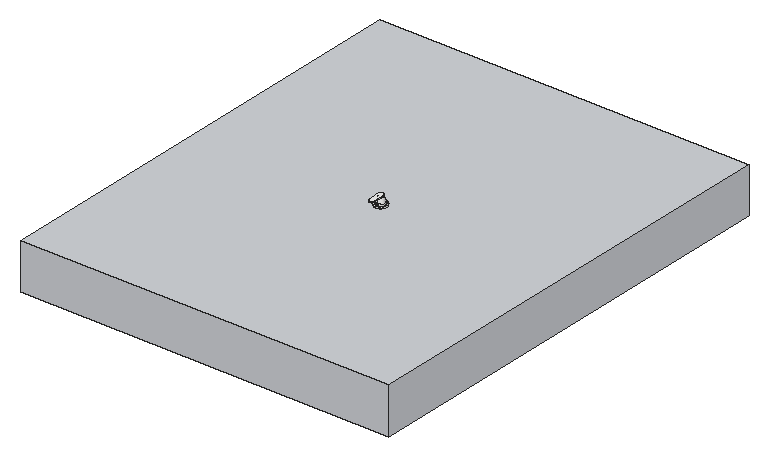
Revit family "Trim_Set-GROHE-Defined-29301-Series", category Plumbing Fixtures, host Face, Revit 2019
Family settings
  Host = Face
  Round Connector Dimension = Use Diameter
  Part Type = Normal
  OmniClass Number = 23.45.05.14.17
  OmniClass Title = Showers
  Cut with Voids When Loaded = No
  Shared = Yes
  Room Calculation Point = No
Parameters (values of type "29301000")
  cUPC Compliant = yes
  Width = 3 1/16"  # constant formula
  Waste Connection = no
  Warranty Information = "Limited lifetime warranty"  # constant formula
  WFU = 0  # constant formula
  Vent Connection = no
  URL = "https://www.grohe.us/"
  Type Comments = ""
  Tempered Water Connection = yes
  Spout Tempered Connection Diameter = if(Spout Connection, 1/2", 0")  # 1/2"
  Spout Connection Description = if(Spout Connection, "1/2'' NPT Global Spout Outlet", "")  # "1/2'' NPT Global Spout Outlet"
  Spout Connection = yes
  Shower Tempered Connection Diameter = if(Shower Connection, 1/2", 0")  # 1/2"
  Shower Connection Description = if(Shower Connection, "1/2'' NPT Global Shower Outlet", "")  # "1/2'' NPT Global Shower Outlet"
  Shower Connection = yes
  Revised Date = "06/06/2023"  # constant formula
  Product Page URL = "https://www.grohe.us/Bath-Shower-Trim-Kits/3-Way-Diverter-Trim/GROHE-CHROME-29301000"
  Product Documentation Link = "https://americanstandard.box.com/shared/static/7ft25fi28wav8ytkuyru6ttvu4m4yous.pdf"
  Model = "29301000"
  Material = "Metal-Grohe-000-Starlight Chrome"
  Manufacturer = "Grohe"  # constant formula
  Length = 2 3/8"  # constant formula
  Installation Type = "Wall Mounted"  # constant formula
  Hot Water Connection Radius = Hot Water Connection Diameter / 2  # 1/4"
  Hot Water Connection Diameter = Cold Water Connection Diameter  # 1/2"
  Height = 5 1/16"  # constant formula
  Hand Shower Tempered Connection Diameter = if(Hand Shower Connection, 1/2", 0")  # 1/2"
  Hand Shower Connection Description = if(Shower Connection, "1/2'' NPT Global Hand Shower Outlet", "")  # "1/2'' NPT Global Hand Shower Outlet"
  Hand Shower Connection = yes
  HWFU = 3  # constant formula
  HW Connection = yes
  Finish = Metal-Grohe-000-Starlight Chrome
  Description = "DEFINED 3-Way Diverter Trim Starlight Chrome"
  Default Elevation = 44"  # constant formula
  Creation Date = "03/04/2019"  # constant formula
  Connection From Wall front To Central of pipe = 2 1/8"
  Compliance Certifications = "• ADA• Low Lead Certified• CSA B125.1• ASME A112.18.1• Complies with lead plumbing laws"
  Cold Water Connection Radius = 1/4"  # constant formula
  Cold Water Connection Diameter = Cold Water Connection Radius * 2  # 1/2"
  CWFU = 3  # constant formula
  CW Connection = yes
  Assembly Code = "D2010710"
  ADA Compliant = yes
  6554100M Fixing Clamp = no
  48346000 Spindle Extension = no
Types (2): name | Product Page URL | Model | Material | Finish | Description
  29301000 | "https://www.grohe.us/Bath-Shower-Trim-Kits/3-Way-Diverter-Trim/GROHE-CHROME-29301000" | "29301000" | "Metal-Grohe-000-Starlight Chrome" | Metal-Grohe-000-Starlight Chrome | "DEFINED 3-Way Diverter Trim Starlight Chrome"
  29301EN0 | "https://www.grohe.us/Bath-Shower-Trim-Kits/3-Way-Diverter-Trim/GROHE-BRUSHED-NICKEL-29301EN0" | "29301EN0" | "Metal-Grohe-EN0-Brushed Nickel" | Metal-Grohe-EN0-Brushed Nickel | "DEFINED 3-Way Diverter Trim Brushed Nickel"
Reference planes (in)
  plane 1 "Center (Front/Back)": y = 0
  plane 2: z = 0
  plane 3 "Center (Left/Right)": x = 0
  plane 4: x = -1.21875
  plane 5: x = 1.21875
  plane 6: z = 2.375
  plane 7: z = 2.25
  plane 8: z = 0.3125
  plane 9: y = 1.21875
  plane 10: y = -1.21875
  plane 11: z = -2.125
  plane 12: y = 1.5625
  plane 13: y = -1.5625
  plane 14: y = -3.53125
  plane 15: x = -1.53125
  plane 16: x = 1.53125
  plane 17: y = 1.53125
  plane 18: y = -1.53125
  plane 19: y = 0.96875
Forms (in)
  Extrusion 1, solid
    sketch origin (0, 0, 0) x (1, 0, 0) y (0, 1, 0)
      loop
        line (-48, 59.78125) -> (-48, -57.50108) -> (48, -57.50108) -> (48, 59.78125) -> (-48, 59.78125)
    from 0 to -12
  Revolve 2, solid, material "Metal-Grohe-000-Starlight Chrome" <- "Finish"
    sketch origin (0, 0, 0) x (0, 1, 0) y (0, 0, 1)
      loop
        line (0, 0.27257) -> (0, 0) -> (1.53125, 0) -> (1.53125, 0.1875)
        arc (1.53125, 0.1875) -> (1.49464, 0.27589) -> (1.40625, 0.3125) r 0.125
        line (1.40625, 0.3125) -> (1.14713, 0.3125) -> (1.14713, 0.27257) -> (0, 0.27257)
      axis (0, 0.3125) -> (0, 0)
    angle from 0 to 360
  Extrusion 3, solid, material "Metal-Grohe-000-Starlight Chrome" <- "Finish", not visible
    sketch origin (0, 0, -0.125) x (0, 1, 0) y (0, 0, 1)
      loop
        circle (0, -2) r 0.25
    from -1.21875 to 1.21875
  Extrusion 4, solid, material "Metal-Grohe-000-Starlight Chrome" <- "Finish"
    sketch origin (0, 0, 0) x (1, 0, 0) y (0, 1, 0)
      loop
        arc (0.68508, -0.67316) -> (0.69183, -0.49995) -> (0.69408, -0.32662) r 6.67452
        line (0.69408, -0.32662) -> (0.69408, 0.03954)
        arc (0.69408, 0.03954) -> (-0.03954, 0.69408) -> (-0.69408, -0.03954) r 0.6952
        line (-0.69408, -0.03954) -> (-0.69408, -0.32662)
        arc (-0.69408, -0.32662) -> (-0.69183, -0.49995) -> (-0.68508, -0.67316) r 6.67452
        line (-0.68508, -0.67316) -> (-0.54975, -3.29414)
        arc (-0.54975, -3.29414) -> (-0.47224, -3.46253) -> (-0.30008, -3.53125) r 0.25
        line (-0.30008, -3.53125) -> (0.30008, -3.53125)
        arc (0.30008, -3.53125) -> (0.47226, -3.46251) -> (0.54975, -3.29409) r 0.25
        line (0.54975, -3.29409) -> (0.68508, -0.67316)
    from 2.25 to 2.375
  Revolve 5, solid, material "Metal-Grohe-000-Starlight Chrome" <- "Finish"
    sketch origin (0, 0, 0.00065) x (0, 1, 0) y (0, 0, 1)
      loop
        line (0, 2.375) -> (0, 0.27257) -> (0.96899, 0.27257) -> (0.96899, 0.76) -> (0.92927, 0.77559) -> (0.96899, 0.77559) -> (0.69973, 2.08416)
        arc (0.69973, 2.08416) -> (0.69634, 2.10627) -> (0.6952, 2.1286) r 0.22053
        line (0.6952, 2.1286) -> (0.6952, 2.375) -> (0, 2.375)
      axis (0, 0.27257) -> (0, 2.375)
    angle from 0 to 360
  Extrusion 6, solid, material "Metal-Grohe-000-Starlight Chrome" <- "Finish", not visible
    sketch origin (0, 0, 0) x (-1, 0, 0) y (0, 0, 1)
      loop
        circle (0, -2.125) r 0.25
    from -1.21875 to 1.21875
  Revolve 7, solid, material "Metal-Grohe-000-Starlight Chrome" <- "Finish"
    sketch origin (0, 0, 0) x (1, 0, 0) y (0, 0, 1)
      loop
        line (0, -2.125) -> (0, 0) -> (-0.25, 0) -> (-0.25, -2.125) -> (0, -2.125)
      axis (0, 0) -> (0, -2.125)
    angle from 0 to 360
Cuts and joins
  joined: Extrusion 3, Extrusion 6
  joined: Extrusion 4, Revolve 5
Lines and regions (in)
  Masking region 1
    outline origin (0, 0, 0) x (1, 0, 0) y (0, 0, 1)
      loop
        line (0.96901, 0.3125) -> (0.96901, 0.76067) -> (0.92847, 0.77624) -> (0.96861, 0.77624) -> (0.70049, 2.08105)
        arc (0.70049, 2.08105) -> (0.69653, 2.10693) -> (0.6952, 2.13307) r 0.25841
        line (0.6952, 2.13307) -> (0.6952, 2.375) -> (-0.6952, 2.375) -> (-0.6952, 2.12479)
        arc (-0.6952, 2.12479) -> (-0.69607, 2.10782) -> (-0.69864, 2.09102) r 0.16779
        line (-0.69864, 2.09102) -> (-0.96881, 0.77624) -> (-0.92925, 0.77624) -> (-0.96882, 0.7607) -> (-0.96882, 0.3125) -> (-1.40338, 0.3125)
        arc (-1.40338, 0.3125) -> (-1.4938, 0.27505) -> (-1.53125, 0.18463) r 0.12787
        line (-1.53125, 0.18463) -> (-1.53125, 0) -> (1.53125, 0) -> (1.53125, 0.1915)
        arc (1.53125, 0.1915) -> (1.49581, 0.27706) -> (1.41025, 0.3125) r 0.121
        line (1.41025, 0.3125) -> (0.96901, 0.3125)
  Masking region 2, detail levels medium+fine
    outline origin (0, 0, 0) x (1, 0, 0) y (0, 0, 1)
      loop
        line (0.25, 0) -> (-0.25, 0) -> (-0.25, -1.875) -> (-1.21875, -1.875) -> (-1.21875, -2.375) -> (1.21875, -2.375) -> (1.21875, -1.87039) -> (0.25, -1.87039) -> (0.25, 0)
  symbolic lines, detail levels fine
    curve 1: line (0.96861, 0, 0.77624) -> (-0.92925, 0, 0.77624)
    curve 3: line (0.96901, 0, 0.76067) -> (-0.96865, 0, 0.76067)
  symbolic lines, detail levels medium+fine
    curve 2: line (1.23457, 0, 0.3125) -> (-1.2347, 0, 0.3125)
Dimensions and locks (in)
  locked: plane 6 to plane 7 at 0.125
  plane 8 to level = 5/16"
  "Connection From Wall front To Central of pipe": level to plane 11
  "Length": plane 6 to level
  plane 1 "Center (Front/Back)" to plane 13 = 1 9/16"
  locked: Revolve 7 sketch curve to Revolve 7 sketch curve at 0.25
  locked: plane 15 to plane 16 at 3.0625
  equal spacing: plane 15, plane 3 "Center (Left/Right)", plane 16
  plane 17 to plane 14 = 5 1/16"
  plane 19 to plane 18 = 2 1/2"
  aligned and locked: plane 2 to Extrusion 1
  aligned and locked: level to Extrusion 1
  aligned and locked: plane 1 "Center (Front/Back)" to Extrusion 3 sketch curve
  aligned and locked: plane 6 to Extrusion 4
  aligned and locked: Extrusion 4 to plane 7
  aligned and locked: Revolve 5 sketch curve to plane 1 "Center (Front/Back)"
  aligned and locked: plane 1 "Center (Front/Back)" to Revolve 5 sketch curve
  aligned and locked: Extrusion 3 to plane 4
  aligned and locked: Extrusion 3 to plane 5
  aligned and locked: plane 10 to cut or joined group of Extrusion 3, Extrusion 6
  aligned and locked: plane 9 to Extrusion 6
  aligned and locked: Extrusion 6 to plane 10
  aligned and locked: plane 11 to Extrusion 3 sketch curve
  aligned and locked: plane 11 to Extrusion 6 sketch curve
  aligned and locked: plane 3 "Center (Left/Right)" to Extrusion 6 sketch curve
  aligned and locked: plane 8 to curve 2
  aligned and locked: Masking region 1 sketch curve to plane 8
  aligned and locked: curve 1 to Masking region 1 sketch curve
  aligned and locked: Revolve 7 sketch curve to plane 3 "Center (Left/Right)"
  aligned and locked: level to Revolve 7 sketch curve
  aligned and locked: Revolve 7 sketch curve to plane 11
Automatic sketch dimensions
  Extrusion 1 sketch curve to Extrusion 1 sketch curve = 96"
  Extrusion 1 sketch curve to Extrusion 1 sketch curve = 117.28233"
  Revolve 2 sketch curve to plane 1 "Center (Front/Back)" = 0"  (x2)
  Revolve 2 sketch curve to level = 0"
  plane 6 to Revolve 2 sketch curve = 3.43335"
  Revolve 2 sketch curve to Revolve 2 sketch curve = 0.35576"
  Revolve 5 sketch curve to plane 9 = 0.52355"
  Revolve 5 sketch curve to plane 7 = 0.16519"
  Revolve 5 sketch curve to Revolve 5 sketch curve = 0.00453"
  Revolve 5 sketch curve to plane 7 = 0.12075"
  Revolve 5 sketch curve to plane 9 = 0.28948"
  Revolve 5 sketch curve to Revolve 5 sketch curve = 0.03972"
  Revolve 5 sketch curve to Revolve 5 sketch curve = 0"
  Revolve 5 sketch curve to plane 8 = 0.46374"
  Revolve 5 sketch curve to Revolve 5 sketch curve = 0.01559"
  plane 8 to Revolve 5 sketch curve = 0.03928"
  plane 6 to Revolve 5 sketch curve = 0.00065"
  Revolve 5 sketch curve to Revolve 5 sketch curve = 5/8"
  Revolve 5 sketch curve to Revolve 5 sketch curve = 1/2"
  Revolve 7 sketch curve to plane 3 "Center (Left/Right)" = 0"
  Revolve 7 sketch curve to plane 11 = 0.24754"
  Revolve 7 sketch curve to plane 7 = 3/4"
  Masking region 2 sketch curve to plane 4 = 0"
  Masking region 2 sketch curve to level = 0"
  plane 5 to Masking region 2 sketch curve = 0"
  Masking region 2 sketch curve to plane 3 "Center (Left/Right)" = 1/4"
  plane 3 "Center (Left/Right)" to Masking region 2 sketch curve = 1/4"
  plane 11 to Masking region 2 sketch curve = 0.25461"
  plane 11 to Masking region 2 sketch curve = 1/4"
  Masking region 2 sketch curve to plane 11 = 1/4"
  plane 8 to Revolve 2 sketch curve = 0"
  Revolve 2 sketch curve to Revolve 2 sketch curve = 1/8"
  plane 8 to Revolve 2 sketch curve = 0.03993"
  Revolve 2 sketch curve to plane 9 = 0.07162"
  Revolve 2 sketch curve to plane 12 = 5/32"
  Extrusion 4 sketch curve to plane 14 = 0"
  plane 1 "Center (Front/Back)" to Extrusion 4 sketch curve = 0"
  Extrusion 4 sketch curve to plane 3 "Center (Left/Right)" = 0"
  Extrusion 4 sketch curve to plane 3 "Center (Left/Right)" = 0.30008"
  plane 14 to Extrusion 4 sketch curve = 0.23711"
  Extrusion 4 sketch curve to Extrusion 4 sketch curve = 0.24967"  (x2)
  plane 1 "Center (Front/Back)" to Extrusion 4 sketch curve = 0.03954"
  Extrusion 4 sketch curve to Extrusion 4 sketch curve = 0.009"  (x2)
  plane 1 "Center (Front/Back)" to Extrusion 4 sketch curve = 0.32662"  (x2)
  Extrusion 4 sketch curve to plane 15 = 4.44919"
  plane 3 "Center (Left/Right)" to Extrusion 4 sketch curve = 0.30008"
  plane 14 to Extrusion 4 sketch curve = 0.23716"
  plane 5 to Extrusion 4 sketch curve = 0.53367"
  plane 16 to Extrusion 4 sketch curve = 4.44919"
  Extrusion 4 sketch curve to plane 1 "Center (Front/Back)" = 0.03954"
  curve 2 to plane 4 = 0.01595"
  plane 4 to curve 3 = 0.2501"
  curve 3 to curve 1 = 0.0394"
  plane 5 to curve 1 = 0.25014"
  curve 1 to curve 3 = 0.0004"
  curve 2 to plane 5 = 0.01582"
  curve 3 to plane 8 = 0.44817"
  curve 3 to curve 1 = 0.01556"
  Masking region 1 sketch curve to plane 15 = 0"
  Masking region 1 sketch curve to plane 6 = 0"
  Masking region 1 sketch curve to level = 0"
  plane 8 to Masking region 1 sketch curve = 0.12787"
  plane 4 to Masking region 1 sketch curve = 0.24993"
  Masking region 1 sketch curve to Masking region 1 sketch curve = 0"
  Masking region 1 sketch curve to Masking region 1 sketch curve = 0.03957"
  Masking region 1 sketch curve to plane 7 = 0.12521"
  plane 4 to Masking region 1 sketch curve = 0.35576"
  Masking region 1 sketch curve to plane 7 = 0.15898"
  Masking region 1 sketch curve to Masking region 1 sketch curve = 0.16435"
  Masking region 1 sketch curve to plane 7 = 0.11693"
  plane 5 to Masking region 1 sketch curve = 0.52355"
  Masking region 1 sketch curve to plane 7 = 0.16895"
  Masking region 1 sketch curve to Masking region 1 sketch curve = 0.00529"
  plane 5 to Masking region 1 sketch curve = 0.29028"
  Masking region 1 sketch curve to Masking region 1 sketch curve = 0.04014"
  plane 5 to Masking region 1 sketch curve = 0.24974"
  Masking region 1 sketch curve to Masking region 1 sketch curve = 0.121"
  plane 16 to Masking region 1 sketch curve = 0"
  Masking region 1 sketch curve to Masking region 1 sketch curve = 0.01556"
  Masking region 1 sketch curve to plane 8 = 0.4482"
  Masking region 1 sketch curve to Masking region 1 sketch curve = 0.01554"
  Masking region 1 sketch curve to plane 8 = 0"
  radius of Extrusion 6 sketch curve = 1/4"
  radius of Extrusion 3 sketch curve = 1/4"
Connectors (in)
  piping at (1.21875, 0, -2.125), diameter 0.5, driven by "Cold Water Connection Diameter", driven by "CWFU", driven by "Hand Shower Connection Description"
    settings: on Extrusion 3, index 3, connector inside diameter 24", connector length 0", flow factor 0, pipe flow 0 GPM, pressure drop 0.00 psi, fitting loss kfactor 0, connector angle 0.00°, fixture units 3, engagement length 0", angle of deflection 0.00°, flow configuration 0, flow direction 2, fitting loss method 0, system type 29, joint type 0, gender type 0, connector reference index -1, connector utility 0, adjustable connector no, is connector primary yes, connector description "1/2'' NPT Global Hand Shower Outlet"
  piping at (-1.21875, 0, -2.125), diameter 0.5, driven by "Hot Water Connection Diameter", driven by "HWFU"
    settings: on cut or joined group of Extrusion 3, Extrusion 6, index 4, connector inside diameter 24", connector length 0", flow factor 0, pipe flow 0 GPM, pressure drop 0.00 psi, fitting loss kfactor 0, connector angle 0.00°, fixture units 3, engagement length 0", angle of deflection 0.00°, flow configuration 3, flow direction 1, fitting loss method 0, system type 29, joint type 0, gender type 0, connector reference index -1, connector utility 0, adjustable connector no, is connector primary no, connector description "1/2\" NPT Global Inlet"
  piping at (0, 1.21875, -2.125), diameter 0.5, driven by "Shower Tempered Connection Diameter", driven by "Shower Connection Description"
    settings: on cut or joined group of Extrusion 3, Extrusion 6, index 5, connector inside diameter 24", connector length 0", flow factor 0, pipe flow 0 GPM, pressure drop 0.00 psi, fitting loss kfactor 0, connector angle 0.00°, fixture units 0, engagement length 0", angle of deflection 0.00°, flow configuration 0, flow direction 2, fitting loss method 0, system type 29, joint type 0, gender type 0, connector reference index -1, connector utility 0, adjustable connector no, is connector primary no, connector description "1/2'' NPT Global Shower Outlet"
  piping at (0, -1.21875, -2.125), diameter 0.5, driven by "Spout Tempered Connection Diameter", driven by "Spout Connection Description"
    settings: on cut or joined group of Extrusion 3, Extrusion 6, index 6, connector inside diameter 24", connector length 0", flow factor 0, pipe flow 0 GPM, pressure drop 0.00 psi, fitting loss kfactor 0, connector angle 0.00°, fixture units 0, engagement length 0", angle of deflection 0.00°, flow configuration 0, flow direction 2, fitting loss method 0, system type 29, joint type 0, gender type 0, connector reference index -1, connector utility 0, adjustable connector no, is connector primary no, connector description "1/2'' NPT Global Spout Outlet"
